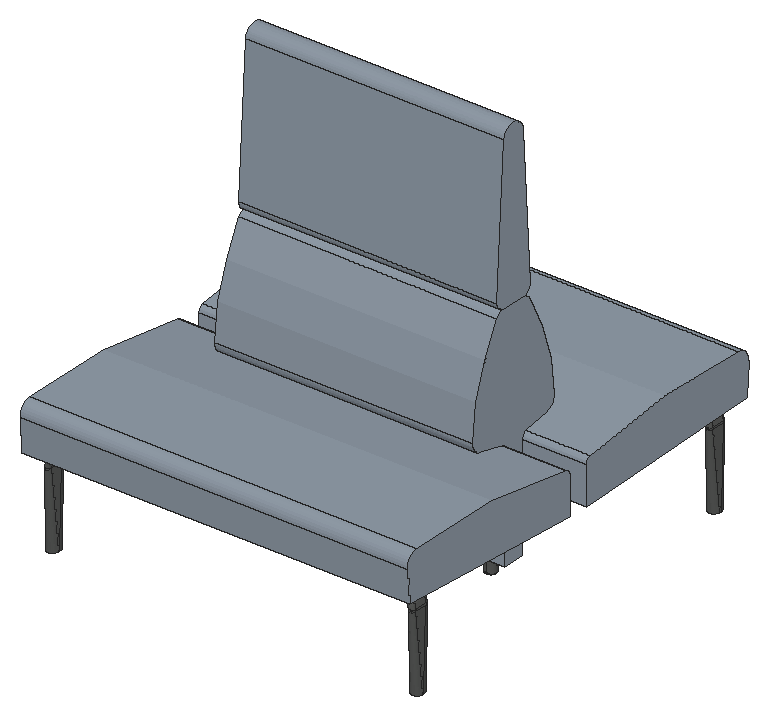
Revit family "FU_Modular_Sandler_Ambit 1056", category Furniture, Revit 2020
Family settings
  OmniClass Number = 23.40.20.00
  OmniClass Title = General Furniture and Specialties
  Work Plane-Based = No
  Always vertical = Yes
  Cut with Voids When Loaded = No
  Shared = No
  Room Calculation Point = No
Parameters (values of type "Ambit 1056")
  Width = 1200 mm
  URL = "https://www.sandlerseating.com/product/ambit-1056/"
  Seat [instance] = Fabric - Gravity - Frozen CPC27
  Panel [instance] = Fabric - Gravity - Frozen CPC27
  Model = "Ambit 1056"
  Manufacturer = "Sandler"
  Height = 770 mm
  Frame [instance] = Metal - Paint -AL VR - Matt Jet Black
  Description = "Modular seating system. Upholstered seat and back, with feet in cast aluminium."
  Depth = 1320 mm
  Default Elevation = 0 mm
  Back [instance] = Fabric - Gravity - Frozen CPC27
Reference planes
  plane 1 "Center (Front/Back)": y = 0
  plane 2: z = 0
  plane 3 "Center (Left/Right)": x = 0
  plane 4 "Right": x = -600
  plane 5 "Left": x = 600
  plane 6 "Back": y = 660
  plane 7 "Front": y = -660
  plane 8 "Height": z = 770
  plane 9 "Seat height": z = 430
Dimensions and locks
  equal spacing: plane 4 "Right", plane 3 "Center (Left/Right)", plane 5 "Left"
  "Width": plane 4 "Right" to plane 5 "Left"
  equal spacing: plane 6 "Back", plane 1 "Center (Front/Back)", plane 7 "Front"
  "Depth": plane 6 "Back" to plane 7 "Front"
  "Height": plane 8 "Height" to level
  plane 9 "Seat height" to level = 430 mm
  aligned and locked: level to plane 2
Nested families
  nested 1: "Ambit DoubleBack" at (0, 0, 0), Back <- "Back", Frame <- "Frame", type "Ambit DoubleBack"
    with Frame Metal - Paint -AL VR - Matt Jet Black, Back Fabric - Gravity - Frozen CPC27
  nested 2: "Ambit Double-High-Panel" at (0, 0, 0), Panel <- "Panel", type "Ambit Double-High-Panel"
    with Panel Fabric - Gravity - Frozen CPC27
  nested 3: "Ambit Seat" at (0, -310, 0), Frame <- "Frame", Seat <- "Seat", type "Seat 1200mm"
    with Seat Fabric - Gravity - Frozen CPC27, Frame Metal - Paint -AL VR - Matt Jet Black
  nested 4: "Ambit Seat" at (0, 310, 0), Frame <- "Frame", Seat <- "Seat", type "Seat 1200mm"
    with Seat Fabric - Gravity - Frozen CPC27, Frame Metal - Paint -AL VR - Matt Jet Black
Definition of nested family "Ambit DoubleBack"
  Parameters (values of type "Ambit DoubleBack")
    Width = 800 mm
    Height = 770 mm
    Frame [instance] = none
    Depth = 320 mm
    Default Elevation = 0 mm
    Back [instance] = none
  Reference planes
    plane 1 "Center (Front/Back)": y = 0
    plane 2: z = 0
    plane 3 "Center (Left/Right)": x = 0
    plane 4 "Right": x = -400
    plane 5 "Left": x = 400
    plane 6 "Back": y = 160
    plane 7 "Front": y = -160
    plane 8 "Height": z = 770
    plane 9 "Seat height": z = 430
  Forms (mm)
    Revolve 1, solid, material <- "Frame"
      sketch origin (330.534, -318.685, 0) x (0, 1, 0) y (0, 0, 1)
        loop
          line (304.423, 40.637) -> (301.57, 2.1)
          arc (301.57, 2.1) -> (301.901, 0.817) -> (302.944, 0) r 2.065
          line (302.944, 0) -> (318.961, 0) -> (318.961, 48.022) -> (299.441, 48.022) -> (299.441, 46.076)
          arc (299.441, 46.076) -> (303.107, 44.432) -> (304.423, 40.637) r 5.065
        axis (318.961, 48.022) -> (318.961, 0)
      angle from 0 to 360
    Extrusion 2, solid, material <- "Frame"
      sketch origin (-0.482, -318.685, 51.603) x (0, -1, 0) y (1, 0, 0)
        loop
          arc (-347.852, 290.046) -> (-347.258, 288.613) -> (-345.824, 288.019) r 2.027
          line (-345.824, 288.019) -> (-291.875, 288.019)
          arc (-291.875, 288.019) -> (-290.444, 288.611) -> (-289.852, 290.042) r 2.023
          line (-289.852, 290.042) -> (-289.852, 372.037)
          arc (-289.852, 372.037) -> (-290.431, 373.436) -> (-291.83, 374.016) r 1.978
          line (-291.83, 374.016) -> (-345.837, 374.016)
          arc (-345.837, 374.016) -> (-347.262, 373.426) -> (-347.852, 372.001) r 2.015
          line (-347.852, 372.001) -> (-347.852, 290.046)
      from -5.528 to 0
    Revolve 3, solid, material <- "Frame"
      sketch origin (-330.534, -318.685, 0) x (0, 1, 0) y (0, 0, -1)
        loop
          arc (304.423, -40.637) -> (303.107, -44.432) -> (299.441, -46.076) r 5.065
          line (299.441, -46.076) -> (299.441, -48.022) -> (318.961, -48.022) -> (318.961, 0) -> (302.944, 0)
          arc (302.944, 0) -> (301.901, -0.817) -> (301.57, -2.1) r 2.065
          line (301.57, -2.1) -> (304.423, -40.637)
        axis (318.961, -48.022) -> (318.961, 0)
      angle from 0 to 360
    Extrusion 4, solid, material <- "Frame"
      sketch origin (0.482, -318.685, 51.603) x (0, -1, 0) y (1, 0, 0)
        loop
          line (-347.852, -290.046) -> (-347.852, -372.001)
          arc (-347.852, -372.001) -> (-347.262, -373.426) -> (-345.837, -374.016) r 2.015
          line (-345.837, -374.016) -> (-291.83, -374.016)
          arc (-291.83, -374.016) -> (-290.431, -373.436) -> (-289.852, -372.037) r 1.978
          line (-289.852, -372.037) -> (-289.852, -290.042)
          arc (-289.852, -290.042) -> (-290.444, -288.611) -> (-291.875, -288.019) r 2.023
          line (-291.875, -288.019) -> (-345.824, -288.019)
          arc (-345.824, -288.019) -> (-347.258, -288.613) -> (-347.852, -290.046) r 2.027
      from -5.528 to 0
    Extrusion 5, solid, material <- "Back"
      sketch origin (0, 0, 0) x (0, 1, 0) y (0, 0, 1)
        loop
          line (-33, 51.603) -> (33, 51.603) -> (33, 376.265)
          arc (33, 376.265) -> (37.75, 387.916) -> (48.518, 394.425) r 20
          arc (48.518, 394.425) -> (88.097, 402.963) -> (127.858, 410.609) r 1800.168
          arc (127.858, 410.609) -> (148.84, 423.03) -> (156.619, 446.139) r 35
          arc (156.619, 446.139) -> (130.105, 606.219) -> (62.425, 753.69) r 611.524
          arc (62.425, 753.69) -> (49.728, 765.652) -> (32.833, 770) r 35
          line (32.833, 770) -> (-32.833, 770)
          arc (-32.833, 770) -> (-49.728, 765.652) -> (-62.425, 753.69) r 35
          arc (-62.425, 753.69) -> (-130.105, 606.219) -> (-156.619, 446.139) r 611.524
          arc (-156.619, 446.139) -> (-148.84, 423.03) -> (-127.858, 410.609) r 35
          arc (-127.858, 410.609) -> (-88.097, 402.963) -> (-48.518, 394.425) r 1800.168
          arc (-48.518, 394.425) -> (-37.75, 387.916) -> (-33, 376.265) r 20
          line (-33, 376.265) -> (-33, 51.603)
      from -400 to 400
  Dimensions and locks
    equal spacing: plane 4 "Right", plane 3 "Center (Left/Right)", plane 5 "Left"
    "Width": plane 4 "Right" to plane 5 "Left"
    equal spacing: plane 6 "Back", plane 1 "Center (Front/Back)", plane 7 "Front"
    "Depth": plane 6 "Back" to plane 7 "Front"
    "Height": plane 8 "Height" to level
    plane 9 "Seat height" to level = 430 mm
    aligned and locked: level to plane 2
  Automatic sketch dimensions
    Revolve 1 sketch curve to level = 0 mm
    level to Revolve 1 sketch curve = 41.011 mm
    Revolve 1 sketch curve to plane 6 "Back" = 179.313 mm
    Revolve 1 sketch curve to Revolve 1 sketch curve = 0.069 mm
    level to Revolve 1 sketch curve = 2.1 mm
    Revolve 1 sketch curve to Revolve 1 sketch curve = 2.198 mm
    Revolve 1 sketch curve to Revolve 1 sketch curve = 1.373 mm
    level to Revolve 1 sketch curve = 1.947 mm
    level to Revolve 1 sketch curve = 40.637 mm
    Revolve 1 sketch curve to Revolve 1 sketch curve = 5.051 mm
    Revolve 1 sketch curve to Revolve 1 sketch curve = 15.332 mm
    Revolve 1 sketch curve to Revolve 1 sketch curve = 7.385 mm
    Revolve 1 sketch curve to Revolve 1 sketch curve = 0 mm
    Revolve 1 sketch curve to level = 4.899 mm
    Revolve 1 sketch curve to Revolve 1 sketch curve = 5 mm
    plane 5 "Left" to Extrusion 2 sketch curve = 110.435 mm
    Extrusion 2 sketch curve to plane 6 "Back" = 130.833 mm
    Extrusion 2 sketch curve to Extrusion 2 sketch curve = 2.015 mm
    Extrusion 2 sketch curve to Extrusion 2 sketch curve = 2.027 mm
    Extrusion 2 sketch curve to Extrusion 2 sketch curve = 53.95 mm
    Extrusion 2 sketch curve to Extrusion 2 sketch curve = 54.007 mm
    Extrusion 2 sketch curve to Extrusion 2 sketch curve = 2.023 mm
    plane 5 "Left" to Extrusion 2 sketch curve = 28.481 mm
    Revolve 3 sketch curve to level = 0 mm
    level to Revolve 3 sketch curve = 41.011 mm
    Revolve 3 sketch curve to plane 6 "Back" = 179.313 mm
    Revolve 3 sketch curve to Revolve 3 sketch curve = 0.069 mm
    level to Revolve 3 sketch curve = 2.1 mm
    Revolve 3 sketch curve to Revolve 3 sketch curve = 2.198 mm
    Revolve 3 sketch curve to Revolve 3 sketch curve = 1.373 mm
    level to Revolve 3 sketch curve = 1.947 mm
    level to Revolve 3 sketch curve = 40.637 mm
    Revolve 3 sketch curve to Revolve 3 sketch curve = 5.051 mm
    Revolve 3 sketch curve to Revolve 3 sketch curve = 15.332 mm
    Revolve 3 sketch curve to Revolve 3 sketch curve = 1.946 mm
    Revolve 3 sketch curve to Revolve 3 sketch curve = 0 mm
    Revolve 3 sketch curve to Revolve 3 sketch curve = 5 mm
    Revolve 3 sketch curve to level = 4.899 mm
    Extrusion 4 sketch curve to plane 4 "Right" = 110.435 mm
    Extrusion 4 sketch curve to plane 6 "Back" = 130.833 mm
    Extrusion 4 sketch curve to Extrusion 4 sketch curve = 2.015 mm
    Extrusion 4 sketch curve to Extrusion 4 sketch curve = 2.027 mm
    Extrusion 4 sketch curve to Extrusion 4 sketch curve = 53.95 mm
    Extrusion 4 sketch curve to Extrusion 4 sketch curve = 54.007 mm
    Extrusion 4 sketch curve to Extrusion 4 sketch curve = 2.023 mm
    Extrusion 4 sketch curve to plane 4 "Right" = 28.481 mm
    Extrusion 5 sketch curve to plane 8 "Height" = 0 mm
    Extrusion 5 sketch curve to plane 7 "Front" = 287.893 mm
    Extrusion 5 sketch curve to plane 9 "Seat height" = 2.863 mm  (x2)
    Extrusion 5 sketch curve to plane 7 "Front" = 294.609 mm
    plane 9 "Seat height" to Extrusion 5 sketch curve = 15.052 mm  (x2)
    plane 7 "Front" to Extrusion 5 sketch curve = 38.364 mm
    plane 1 "Center (Front/Back)" to Extrusion 5 sketch curve = 52.955 mm
    plane 1 "Center (Front/Back)" to Extrusion 5 sketch curve = 33 mm
    plane 1 "Center (Front/Back)" to Extrusion 5 sketch curve = 32.833 mm
    Extrusion 5 sketch curve to plane 1 "Center (Front/Back)" = 32.833 mm
    Extrusion 5 sketch curve to plane 1 "Center (Front/Back)" = 33 mm
    Extrusion 5 sketch curve to Extrusion 5 sketch curve = 19.955 mm
    Extrusion 5 sketch curve to plane 6 "Back" = 38.364 mm
    plane 6 "Back" to Extrusion 5 sketch curve = 294.609 mm
    plane 6 "Back" to Extrusion 5 sketch curve = 287.893 mm
    Extrusion 5 sketch curve to plane 9 "Seat height" = 53.735 mm  (x2)
    Extrusion 5 sketch curve to Extrusion 5 sketch curve = 1.342 mm  (x2)
    level to Extrusion 5 sketch curve = 51.603 mm
    Extrusion 5 sketch curve to level = 1360.883 mm
    Extrusion 5 sketch curve to Extrusion 5 sketch curve = 0 mm  (x6)
    Extrusion 5 sketch curve to Extrusion 5 sketch curve = 35 mm  (x2)
    plane 7 "Front" to Extrusion 5 sketch curve = 3.381 mm
Definition of nested family "Ambit Double-High-Panel"
  Parameters (values of type "Ambit Double-High-Panel")
    Width = 800 mm
    URL = ""
    Panel [instance] = none
    Overall Height = 1270 mm
    Model = ""
    Manufacturer = ""
    Back Height = 770 mm
    Description = "Modular seating system."
    Depth = 700 mm
    Default Elevation = 0 mm
  Reference planes
    plane 1 "Center (Front/Back)": y = 0
    plane 2: z = 0
    plane 3 "Center (Left/Right)": x = 0
    plane 4 "Right": x = -400
    plane 5 "Left": x = 400
    plane 6 "Back": y = 350
    plane 7 "Front": y = -350
    plane 8 "Back Height": z = 770
    plane 9 "Seat height": z = 430
    plane 10 "Panel Height": z = 1270
  Forms (mm)
    Extrusion 1, solid, material <- "Panel"
      sketch origin (400, -318.284, 0) x (0, -1, 0) y (0, 0, 1)
        loop
          arc (-255.4, 795.372) -> (-263.643, 1016.712) -> (-281.763, 1237.462) r 4957.952
          arc (-281.763, 1237.462) -> (-318.284, 1270.362) -> (-354.805, 1237.462) r 36.72
          arc (-354.805, 1237.462) -> (-372.926, 1016.712) -> (-381.169, 795.372) r 4957.952
          arc (-381.169, 795.372) -> (-373.98, 777.454) -> (-356.171, 770) r 25
          line (-356.171, 770) -> (-280.397, 770)
          arc (-280.397, 770) -> (-262.588, 777.454) -> (-255.4, 795.372) r 25
      from 0 to 800
  Dimensions and locks
    equal spacing: plane 4 "Right", plane 3 "Center (Left/Right)", plane 5 "Left"
    "Width": plane 4 "Right" to plane 5 "Left"
    equal spacing: plane 6 "Back", plane 1 "Center (Front/Back)", plane 7 "Front"
    "Depth": plane 6 "Back" to plane 7 "Front"
    "Back Height": plane 8 "Back Height" to level
    plane 9 "Seat height" to level = 430 mm
    "Overall Height": plane 10 "Panel Height" to level
    aligned and locked: level to plane 2
  Automatic sketch dimensions
    Extrusion 1 sketch curve to plane 8 "Back Height" = 0 mm
    Extrusion 1 sketch curve to plane 8 "Back Height" = 48.425 mm  (x2)
    plane 6 "Back" to Extrusion 1 sketch curve = 4544.518 mm
    plane 8 "Back Height" to Extrusion 1 sketch curve = 25 mm  (x2)
    Extrusion 1 sketch curve to plane 1 "Center (Front/Back)" = 37.887 mm
    plane 1 "Center (Front/Back)" to Extrusion 1 sketch curve = 0 mm
    plane 1 "Center (Front/Back)" to Extrusion 1 sketch curve = 37.887 mm
    Extrusion 1 sketch curve to plane 7 "Front" = 4544.518 mm
    Extrusion 1 sketch curve to plane 10 "Panel Height" = 36.359 mm
    Extrusion 1 sketch curve to Extrusion 1 sketch curve = 0 mm  (x3)
Definition of nested family "Ambit Seat"
  Parameters (values of type "Seat 800mm")
    Width = 800 mm
    URL = ""
    Seat [instance] = none
    Model = ""
    Manufacturer = ""
    Height = 770 mm
    Frame [instance] = none
    Description = "Modular seating system."
    Depth = 700 mm
    Default Elevation = 0 mm
  Types (3, lengths in mm): name | Width
    (no name) | 800
    Seat 800mm | 800
    Seat 1200mm | 1200
  Reference planes
    plane 1 "Center (Front/Back)": y = 0
    plane 2: z = 0
    plane 3 "Center (Left/Right)": x = 0
    plane 4 "Right": x = -400
    plane 5 "Left": x = 400
    plane 6 "Back": y = 350
    plane 7 "Front": y = -350
    plane 8 "Height": z = 770
    plane 9 "Seat height": z = 430
    plane 10 "FFT C RIGHT": z = 285.404
    plane 11 "Frame Left": x = -364
    plane 12 "Frame Right": x = 364
  Forms (mm)
    SweptBlend 1, solid, material <- "Frame"
      path origin (0, -265.648, 0) x (0, 0, -1) y (1, 0, 0)
        loop
          line (0, 364.075) -> (-239.72, 364.075)
      profile "Pro_Ambit_FFoot : Pro_Ambit_FFoot" origin (364.075, -265.648, 0) x (-1, 0, 0) y (0, -1, 0)
        loop
          arc (17.452, 3.305) -> (0, 20.142) -> (-17.452, 3.305) r 17.463
          line (-17.452, 3.305) -> (-17.452, -3.305)
          arc (-17.452, -3.305) -> (0, -20.142) -> (17.452, -3.305) r 17.463
          line (17.452, -3.305) -> (17.452, 3.305)
      end profile "Pro_Ambit_FF : Pro_Ambit_FF" origin (364.075, -265.648, 239.72) x (-1, 0, 0) y (0, -1, 0)
        loop
          arc (-10, -20.066) -> (0, -30.066) -> (10, -20.066) r 10
          line (10, -20.066) -> (10, 20.066)
          arc (10, 20.066) -> (0, 30.066) -> (-10, 20.066) r 10
          line (-10, 20.066) -> (-10, -20.066)
    Sweep 2, solid, material <- "Frame"
      path origin (0, -265.648, 0) x (0, 0, -1) y (1, 0, 0)
        loop
          line (-234.72, -364.14) -> (-239.72, -364.14)
          arc (-239.72, -364.14) -> (-272.419, -345.952) -> (-285.404, -310.86) r 53.912
          line (-285.404, -310.86) -> (-285.404, 310.86)
          arc (-285.404, 310.86) -> (-272.419, 345.952) -> (-239.72, 364.14) r 53.912
          line (-239.72, 364.14) -> (-234.72, 364.14)
      profile "Pro_Ambit_FF : Pro_Ambit_FF" origin (0, -265.648, 285.404) x (0, 0, 1) y (0, -1, 0)
        loop
          arc (-10, -20.066) -> (0, -30.066) -> (10, -20.066) r 10
          line (10, -20.066) -> (10, 20.066)
          arc (10, 20.066) -> (0, 30.066) -> (-10, 20.066) r 10
          line (-10, 20.066) -> (-10, -20.066)
    SweptBlend 3, solid, material <- "Frame"
      path origin (0, -265.648, 0) x (0, 0, -1) y (-1, 0, 0)
        loop
          line (0, 364.075) -> (-239.72, 364.075)
      profile "Pro_Ambit_FFoot : Pro_Ambit_FFoot" origin (-364.075, -265.648, 0) x (-1, 0, 0) y (0, -1, 0)
        loop
          line (-17.452, 3.305) -> (-17.452, -3.305)
          arc (-17.452, -3.305) -> (0, -20.142) -> (17.452, -3.305) r 17.463
          line (17.452, -3.305) -> (17.452, 3.305)
          arc (17.452, 3.305) -> (0, 20.142) -> (-17.452, 3.305) r 17.463
      end profile "Pro_Ambit_FF : Pro_Ambit_FF" origin (-364.075, -265.648, 239.72) x (-1, 0, 0) y (0, -1, 0)
        loop
          line (-10, 20.066) -> (-10, -20.066)
          arc (-10, -20.066) -> (0, -30.066) -> (10, -20.066) r 10
          line (10, -20.066) -> (10, 20.066)
          arc (10, 20.066) -> (0, 30.066) -> (-10, 20.066) r 10
    Extrusion 4, solid, material <- "Seat"
      sketch origin (-400, 0, 0) x (0, -1, 0) y (0, 0, 1)
        loop
          line (343.115, 289.761) -> (350.038, 388.028)
          arc (350.038, 388.028) -> (340.698, 416.645) -> (314.05, 430.647) r 40
          arc (314.05, 430.647) -> (24.831, 435.731) -> (-261.468, 394.425) r 1800.168
          arc (-261.468, 394.425) -> (-272.664, 387.398) -> (-277.031, 374.923) r 20
          line (-277.031, 374.923) -> (-277.031, 260.098) -> (343.115, 289.761)
      from -800 to 0
  Dimensions and locks
    equal spacing: plane 4 "Right", plane 3 "Center (Left/Right)", plane 5 "Left"
    "Width": plane 4 "Right" to plane 5 "Left"
    equal spacing: plane 6 "Back", plane 1 "Center (Front/Back)", plane 7 "Front"
    "Depth": plane 6 "Back" to plane 7 "Front"
    "Height": plane 8 "Height" to level
    plane 9 "Seat height" to level = 430 mm
    locked: plane 4 "Right" to plane 11 "Frame Left" at 36
    locked: plane 12 "Frame Right" to plane 5 "Left" at 36
    aligned and locked: level to plane 2
    aligned and locked: plane 4 "Right" to Extrusion 4
    aligned and locked: Extrusion 4 to plane 5 "Left"
  Automatic sketch dimensions
    SweptBlend 1 sketch curve to level = 0 mm
    SweptBlend 1 sketch curve to plane 10 "FFT C RIGHT" = 45.683 mm
    Sweep 2 sketch curve to plane 10 "FFT C RIGHT" = 0 mm
    Sweep 2 sketch curve to plane 10 "FFT C RIGHT" = 45.683 mm  (x2)
    Sweep 2 sketch curve to plane 10 "FFT C RIGHT" = 53.912 mm  (x2)
    Sweep 2 sketch curve to plane 4 "Right" = 89.14 mm
    Sweep 2 sketch curve to Sweep 2 sketch curve = 5 mm  (x2)
    SweptBlend 3 sketch curve to level = 0 mm
    plane 4 "Right" to SweptBlend 3 sketch curve = 35.925 mm
    plane 10 "FFT C RIGHT" to SweptBlend 3 sketch curve = 45.683 mm
    Extrusion 4 sketch curve to Extrusion 4 sketch curve = 20 mm
    plane 7 "Front" to Extrusion 4 sketch curve = 39.864 mm
    plane 7 "Front" to Extrusion 4 sketch curve = 6.885 mm
    Extrusion 4 sketch curve to plane 7 "Front" = 0.038 mm
    Extrusion 4 sketch curve to level = 1360.883 mm
    Extrusion 4 sketch curve to plane 10 "FFT C RIGHT" = 25.306 mm
    plane 10 "FFT C RIGHT" to Extrusion 4 sketch curve = 4.357 mm
    Extrusion 4 sketch curve to plane 9 "Seat height" = 55.077 mm
    Extrusion 4 sketch curve to plane 9 "Seat height" = 41.972 mm
    Extrusion 4 sketch curve to plane 9 "Seat height" = 39.161 mm
    Extrusion 4 sketch curve to Extrusion 4 sketch curve = 0 mm
    plane 5 "Left" to SweptBlend 1 sketch curve = 35.925 mm
    plane 5 "Left" to Sweep 2 sketch curve = 89.14 mm
    Extrusion 4 sketch curve to plane 6 "Back" = 92.969 mm
    plane 1 "Center (Front/Back)" to Extrusion 4 sketch curve = 137.907 mm
